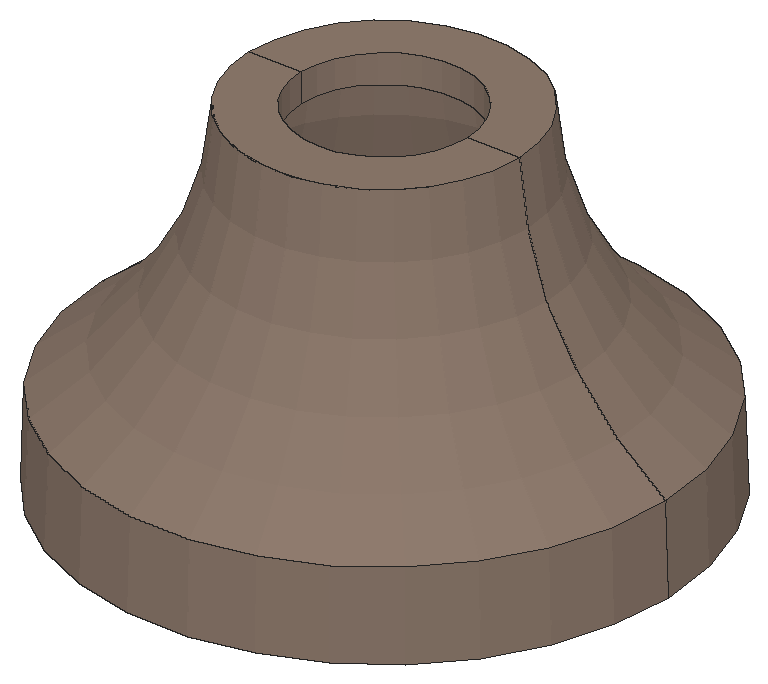
Revit family "CCS5301", category Generic Models, Revit 2014
Parameters
  SHELL = Bronze, Architectural
Reference planes (in)
  plane 1 "Center (Front/Back)": y = 0
  plane 2: z = 0
  plane 3 "Center (Left/Right)": x = 0
Forms (in)
  Revolve 1, solid, material "Bronze, Architectural" <- "SHELL"
    sketch origin (0, 0, 0) x (1, 0, 0) y (0, 0, 1)
      loop
        arc (-2.375, 6) -> (-3.1017, 3.43007) -> (-4.94762, 1.5) r 5.53253
        line (-4.94762, 1.5) -> (-5, 0) -> (-4.74985, 0) -> (-4.70232, 1.36115)
        arc (-4.70232, 1.36115) -> (-2.97653, 3.15095) -> (-2.16184, 5.5) r 5.78253
        line (-2.16184, 5.5) -> (-1.4642, 5.5) -> (-1.4642, 6) -> (-2.375, 6)
      axis (0, 6) -> (0, 0)
    angle from 0 to 360
Dimensions and locks (in)
  aligned and locked: plane 2 to level
